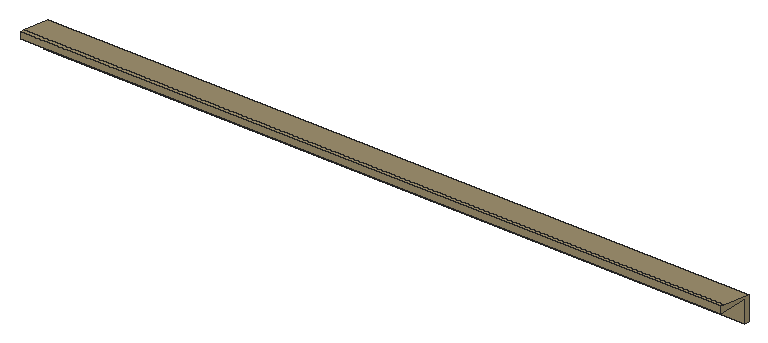
Revit family "SCT_A3-Plaster-Edge", category Generic Models, Revit 2016
Family settings
  Part Type = Undefined
  Can host rebar = No
  Round Connector Dimension = Use Diameter
  Work Plane-Based = No
  Always vertical = Yes
  Cut with Voids When Loaded = No
  Shared = No
  Room Calculation Point = No
Parameters (values of type "Edge 1")
  Edge Length [instance] = 2699.909 mm
  Edge Finish = Edge Finish
  Assembly Code = ""
Types (5): name
  Edge 1
  Edge 5
  Edge 4
  Edge 3
  Edge 2
Reference planes
  plane 1 "Center (Front/Back)": y = 0
  plane 2: z = 0
  plane 3 "Center (Left/Right)": x = -349.954
  plane 4: x = 1000
  plane 5: x = -1699.909
Forms (mm)
  Extrusion 1, solid, material "Edge Finish" <- "Edge Finish"
    sketch origin (0, 0, 0) x (0, 1, 0) y (0, 0, 1)
      loop
        line (0, 0) -> (0, -85) -> (15, -85) -> (15, 6.786) -> (-100, 25) -> (-115, 25) -> (-115, 0) -> (0, 0)
    from -1699.909 to 1000
Dimensions and locks
  equal spacing: plane 5, plane 3 "Center (Left/Right)", plane 4
  "Edge Length": plane 5 to plane 4
  aligned and locked: Extrusion 1 to plane 5
  aligned and locked: plane 4 to Extrusion 1
Automatic sketch dimensions
  Extrusion 1 sketch curve to level = 0 mm
  Extrusion 1 sketch curve to plane 1 "Center (Front/Back)" = 0 mm
  level to Extrusion 1 sketch curve = 25 mm
  plane 1 "Center (Front/Back)" to Extrusion 1 sketch curve = 100 mm
  Extrusion 1 sketch curve to Extrusion 1 sketch curve = 15 mm
  Extrusion 1 sketch curve to plane 1 "Center (Front/Back)" = 15 mm
  Extrusion 1 sketch curve to level = 85 mm
  level to Extrusion 1 sketch curve = 6.786 mm
